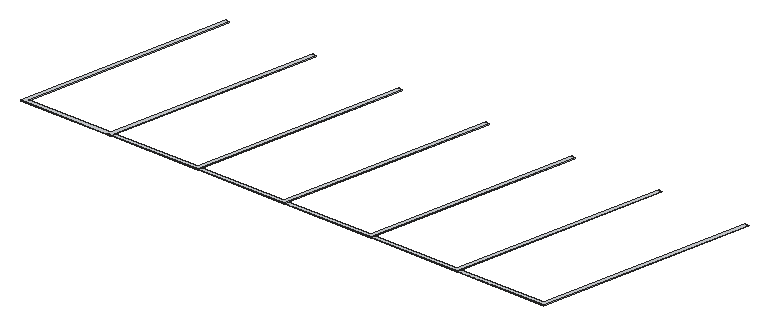
Revit family "Angled_Parking", category Generic Models, Revit 2019
Family settings
  Can host rebar = No
  Round Connector Dimension = Use Diameter
  Part Type = Normal
  Work Plane-Based = No
  Always vertical = Yes
  Cut with Voids When Loaded = No
  Shared = No
  Room Calculation Point = No
Parameters (values of type "one")
  run [instance] = 46' - 4.22888"
  Width_Host = 7' - 0"
  Offset = Width_Host / sin(Angle_Host)  # 7' - 2.20955"
  Length_Host = 17' - 0"
  Count [instance] = run / Offset  # 6
  Angle_Host = 77.00°
Reference planes (in)
  plane 1 "Center (Front/Back)": y = 0
  plane 2: z = 0
  plane 3 "Center (Left/Right)": x = 0
  plane 4: x = 556.22888
Lines and regions (in)
  reference lines
    curve 1: line (0, 0, 0) -> (86.20955, 0, 0)
    curve 2: line (86.20955, 0, 0) -> (132.09956, 198.77149, 0)
Dimensions and locks (in)
  "Width_Host": curve 2 to curve 1
  "Offset": plane 3 "Center (Left/Right)" to curve 2
  "Length_Host": curve 2 to curve 2
  "run": plane 3 "Center (Left/Right)" to plane 4
  equal spacing: group 1, group 2, group 3, group 4, group 5, group 6  (x3)
  "Offset": curve 2 to nested 2
  "Angle_Host": angle plane 1 "Center (Front/Back)" to curve 2
  aligned and locked: plane 2 to level
Automatic sketch dimensions
  plane 1 "Center (Front/Back)" to curve 1 = 0' - 0"
Nested families (in)
  nested 1: "Single Angular Parking Stripe" at (0, 0, 0), type "1st Type"
    with lenght of stall 17' - 0", Angle of Parking 77.00°
  nested 2: "Single Angular Parking Stripe" at (86.20955, 0, 0), type "1st Type"
    with lenght of stall 17' - 0", Angle of Parking 77.00°
  nested 3: "Single Angular Parking Stripe" at (172.41909, 0, 0), type "1st Type"
    with lenght of stall 17' - 0", Angle of Parking 77.00°
  nested 4: "Single Angular Parking Stripe" at (258.62864, 0, 0), type "1st Type"
    with lenght of stall 17' - 0", Angle of Parking 77.00°
  nested 5: "Single Angular Parking Stripe" at (344.83818, 0, 0), type "1st Type"
    with lenght of stall 17' - 0", Angle of Parking 77.00°
  nested 6: "Single Angular Parking Stripe" at (431.04773, 0, 0), type "1st Type"
    with lenght of stall 17' - 0", Angle of Parking 77.00°
Definition of nested family "Single Angular Parking Stripe"
  Parameters (values of type "1st Type")
    lenght of stall = 20' - 0"
    Width of Parking Stripe = 0' - 4"
    Width of Parking = 7' - 0"
    Angle of Parking = 70.00°
  Reference planes (in)
    plane 1 "Center (Front/Back)": y = 0
    plane 2: z = 0
    plane 3 "Center (Left/Right)": x = 0
    plane 4: y = 4
  Forms (in)
    Extrusion 1, solid
      sketch origin (0, 0, 0) x (1, 0, 0) y (0, 1, 0)
        loop
          line (82.08483, 225.52623) -> (0, 0) -> (93.64764, 0) -> (175.23454, 224.15815) -> (171.47577, 225.52623) -> (90.84681, 4) -> (5.71259, 4) -> (85.8436, 224.15815) -> (82.08483, 225.52623)
      from 0 to 0.47848
  Lines and regions (in)
    reference lines
      curve 1: line (0, 0, 0) -> (82.08483, 225.52623, 0)
      curve 2: line (5.71259, 4, 0) -> (85.8436, 224.15815, 0)
      curve 3: line (93.64764, 0, 0) -> (175.23454, 224.15815, 0)
      curve 4: line (89.39093, 0, 0) -> (171.47577, 225.52623, 0)
      curve 5: line (82.08483, 225.52623, 0) -> (85.8436, 224.15815, 0)
      curve 6: line (171.47577, 225.52623, 0) -> (175.23454, 224.15815, 0)
      curve 7: line (0, 0, 0) -> (93.64764, 0, 0)
      curve 8: line (89.39093, 0, 0) -> (89.39093, -19, 0)
  Dimensions and locks (in)
    "Width of Parking Stripe": curve 2 to curve 1
    "Width of Parking Stripe": plane 4 to plane 1 "Center (Front/Back)"
    "Width of Parking Stripe": curve 3 to curve 4
    "lenght of stall": curve 1 to curve 5
    "Width of Parking": curve 4 to curve 1
    "lenght of stall": curve 4 to curve 6
    "Angle of Parking": angle plane 1 "Center (Front/Back)" to curve 1
    aligned and locked: plane 2 to level
    aligned and locked: Extrusion 1 sketch curve to curve 1
    aligned and locked: curve 2 to Extrusion 1 sketch curve
    aligned and locked: plane 1 "Center (Front/Back)" to Extrusion 1 sketch curve
    aligned and locked: plane 4 to Extrusion 1 sketch curve
    aligned and locked: Extrusion 1 sketch curve to curve 3
    aligned and locked: Extrusion 1 sketch curve to curve 4
    aligned and locked: Extrusion 1 sketch curve to curve 5
    aligned and locked: Extrusion 1 sketch curve to curve 6
    aligned and locked: plane 1 "Center (Front/Back)" to curve 7
    aligned and locked: plane 4 to curve 2
    aligned and locked: plane 3 "Center (Left/Right)" to curve 1
    aligned and locked: plane 1 "Center (Front/Back)" to curve 4
  Automatic sketch dimensions
    curve 8 to curve 4 = 0' - 0"
    curve 8 to curve 4 = 1' - 7"
